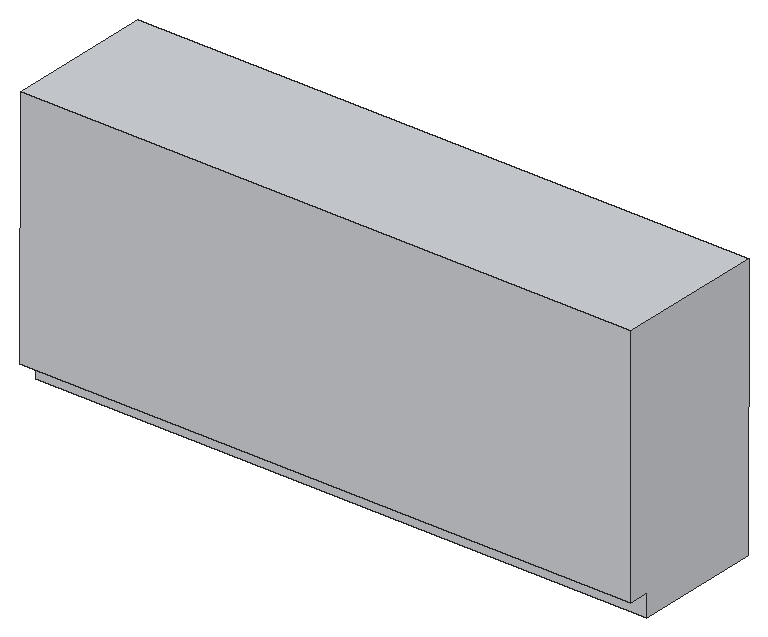
Revit family "9ada29a81555407c832e588dfe43017e", category Mechanical Equipment, Revit 2021
Family settings
  Round Connector Dimension = Use Diameter
  Part Type = Normal
  OmniClass Number = 23.75.70.17.37
  OmniClass Title = Unit Ventilators
  Seek Item ID = Heating Unit Ventilator - Electrical - Vertical - Classroom-0000-USA-ENU
  Work Plane-Based = No
  Always vertical = Yes
  Cut with Voids When Loaded = No
  Shared = No
  Room Calculation Point = No
Parameters (values of type "0-750 CFM")
  Voltage = 208 V
  Ventilator Material = none
  Ventilator Length = 5' - 9"
  Number of Poles = 3
  Load Classification = Heating
  Default Elevation = 0' - 0"
  Apparent Load = 9360 VA
Types (5): name | Ventilator Length | Apparent Load
  (no name) | 5' - 9" | 9360 VA
  0-750 CFM | 5' - 9" | 9360 VA
  751-1000 CFM | 6' - 9" | 12270 VA
  1001-1250 CFM | 7' - 9" | 15370 VA
  1251-1500 CFM | 8' - 9" | 17820 VA
Reference planes (in)
  plane 1 "Center (Front/Back)": y = 0
  plane 2: z = 0
  plane 3 "Center (Left/Right)": x = 0
  plane 4 "Top": z = 30
  plane 5: z = 2.5
  plane 6 "Right": y = -16.625
  plane 7: y = -14.375
  plane 8: x = 69
  plane 9: y = -15.625
  plane 10: x = 1
  plane 11: x = 68
  plane 12: y = -10.625
  plane 13: y = -14.625
  plane 14: y = -13.625
  plane 15: y = -12.625
  plane 16: y = -11.625
  plane 17: z = 3.5
  plane 18: z = 7.5
  plane 19: z = 4.5
  plane 20: z = 5.5
  plane 21: z = 6.5
  plane 22: z = 26
  plane 23: y = -2
Forms (in)
  Extrusion 1, solid, material <- "Ventilator Material"
    sketch origin (0, 0, 0) x (0, 1, 0) y (0, 0, 1)
      loop
        line (0, 0) -> (0, 30) -> (-16.625, 30) -> (-16.625, 2.5) -> (-14.375, 2.5) -> (-14.375, 0) -> (0, 0)
    from 0 to 69
  Extrusion 2, solid, material <- "Ventilator Material"
    sketch origin (0, 0, 0) x (0, 1, 0) y (0, 0, 1)
      loop
        circle (-2, 26) r 0.5
    from 0 to 69
Cuts and joins
  joined: Extrusion 1, Extrusion 2
Lines and regions (in)
  model lines, detail levels fine
    curve 1: line (1, -10.625, 30) -> (68, -10.625, 30)
    curve 2: line (1, -15.625, 30) -> (1, -10.625, 30)
    curve 3: line (68, -15.625, 30) -> (1, -15.625, 30)
    curve 4: line (68, -10.625, 30) -> (68, -15.625, 30)
    curve 5: line (1, -11.625, 30) -> (68, -11.625, 30)
    curve 6: line (1, -12.625, 30) -> (68, -12.625, 30)
    curve 7: line (1, -13.625, 30) -> (68, -13.625, 30)
    curve 8: line (1, -14.625, 30) -> (68, -14.625, 30)
    curve 9: line (1, -16.625, 3.5) -> (68, -16.625, 3.5)
    curve 10: line (1, -16.625, 7.5) -> (1, -16.625, 3.5)
    curve 11: line (68, -16.625, 7.5) -> (1, -16.625, 7.5)
    curve 12: line (68, -16.625, 3.5) -> (68, -16.625, 7.5)
    curve 13: line (1, -16.625, 6.5) -> (68, -16.625, 6.5)
    curve 14: line (1, -16.625, 5.5) -> (68, -16.625, 5.5)
    curve 15: line (1, -16.625, 4.5) -> (68, -16.625, 4.5)
Dimensions and locks (in)
  locked: plane 5 to plane 2 at 2.5
  locked: plane 4 "Top" to plane 2 at 30
  locked: plane 1 "Center (Front/Back)" to plane 6 "Right" at 16.625
  locked: plane 7 to plane 6 "Right" at 2.25
  "Ventilator Length": plane 3 "Center (Left/Right)" to plane 8
  locked: plane 6 "Right" to plane 9 at 1
  locked: plane 3 "Center (Left/Right)" to plane 10 at 1
  locked: plane 11 to plane 8 at 1
  locked: plane 12 to plane 9 at 5
  equal spacing: plane 12, plane 16, plane 15, plane 14, plane 13, plane 9
  locked: plane 18 to plane 5 at 5
  equal spacing: plane 18, plane 21, plane 20, plane 19, plane 17, plane 5
  locked: plane 4 "Top" to plane 22 at 4
  locked: plane 1 "Center (Front/Back)" to plane 23 at 2
  radius of Extrusion 2 sketch curve = 0' - 0 1/2"
  aligned and locked: level to plane 2
  aligned and locked: Extrusion 1 sketch curve to plane 4 "Top"
  aligned and locked: plane 1 "Center (Front/Back)" to Extrusion 1 sketch curve  (x2)
  aligned and locked: plane 2 to Extrusion 1 sketch curve  (x2)
  aligned and locked: Extrusion 1 sketch curve to plane 6 "Right"
  aligned and locked: plane 4 "Top" to Extrusion 1 sketch curve
  aligned and locked: plane 7 to Extrusion 1 sketch curve  (x2)
  aligned and locked: plane 5 to Extrusion 1 sketch curve  (x2)
  aligned and locked: plane 6 "Right" to Extrusion 1 sketch curve
  aligned and locked: Extrusion 1 to plane 3 "Center (Left/Right)"
  aligned and locked: plane 8 to Extrusion 1
  aligned and locked: plane 10 to curve 1
  aligned and locked: curve 1 to plane 12
  aligned and locked: plane 9 to curve 4
  aligned and locked: curve 4 to plane 11
  aligned and locked: curve 5 to plane 16
  aligned and locked: curve 6 to plane 15
  aligned and locked: curve 7 to plane 14
  aligned and locked: curve 8 to plane 13
  aligned and locked: plane 10 to curve 9
  aligned and locked: curve 9 to plane 17
  aligned and locked: plane 18 to curve 12
  aligned and locked: plane 11 to curve 12
  aligned and locked: curve 13 to plane 21
  aligned and locked: curve 14 to plane 20
  aligned and locked: curve 15 to plane 19
  aligned and locked: Extrusion 2 to plane 3 "Center (Left/Right)"
  aligned and locked: Extrusion 1 to Extrusion 2
  aligned and locked: plane 22 to Extrusion 2 sketch curve
  aligned and locked: plane 23 to Extrusion 2 sketch curve
Connectors (in)
  electrical at (0, -2, 26), driven by "Apparent Load", driven by "Voltage", driven by "Number of Poles", driven by "Load Classification"
    settings: on Extrusion 2, index 1, voltage 208 V, apparent load 9360 VA, apparent load phase1 0 VA, apparent load phase2 0 VA, apparent load phase3 0 VA, power factor 0.8, load classification "Heating", number of poles 3, system type 30, power factor state 1, is connector primary yes, connector utility no, sub classification motor no, connector description ""
